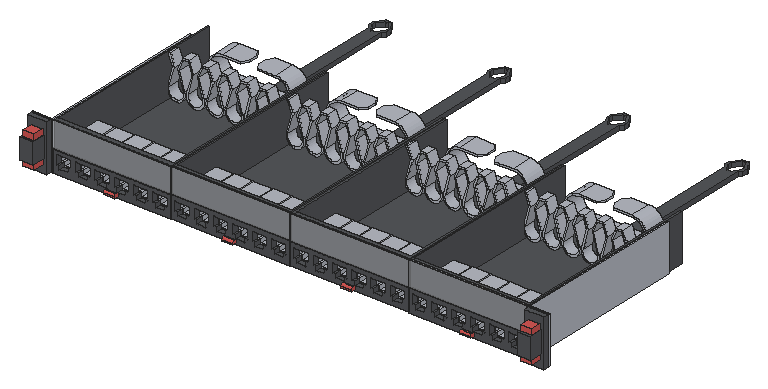
Revit family "Copper flat patch panels equipped", category Equipement spécialisé, Revit 2020
Family settings
  Cote de connecteur circulaire = Utiliser le diamètre
  Type d'élément = Normal
  Basée sur le plan de construction = Non
  Toujours verticalement = Oui
  Couper avec des vides une fois chargée = Non
  Partagée = Oui
  Point de calcul de pièce = Non
Parameters (values of type "Flat patch panel 24 RJ45 Cat 8 STP 1U")
  Width (mm) = 482.60 mm
  Storage temperature = "-40°C à 70°C"
  Shielded = yes
  RAL Number = "9017"
  Operating temperature = "-25°C à 70°C"
  Number of height units = "1"
  Number of connectors = "24"
  Modular spacing = "19 inches"
  Legrand part number = "033782"
  Height = 44.45 mm
  Function = "Flat patch panels equipped"
  Elévation par défaut = 0.00 mm
  EAN = "3414970982063"
  E-catalogue link = "https://www.legrand.fr/reference/033782/pro"
  Depth = 120.00 mm
  Degree of protection IK = "IK03"
  Connector type = "RJ45"
  Connection type = "Insulation displacement connector"
  Color = IDS_NOIR
  Category = "8"
  Cable support = "With zigzag"
  Cable nature for connection = "Flexible or rigid"
  BIM wording = "Flat patch panel 24 RJ45 Cat 8 STP 1U"
  Application class = "EC001128"
Types (8, lengths in mm): name | Width (mm) | Shielded | Legrand part number | Height | EAN | E-catalogue link | Depth | Category | BIM wording
  Flat patch panel 24 RJ45 Cat 5e UTP 1U | 482.50 | no | "033750" | 43.85 | "3414970870308" | "https://www.legrand.fr/reference/033750/pro" | 321.70 | "5E" | "Flat patch panel 24 RJ45 Cat 5e UTP 1U"
  Flat patch panel 24 RJ45 Cat 5e FTP 1U | 482.50 | yes | "033751" | 43.85 | "3414970870322" | "https://www.legrand.fr/reference/033751/pro" | 321.70 | "5E" | "Flat patch panel 24 RJ45 Cat 5e FTP 1U"
  Flat patch panel 24 RJ45 Cat 6 UTP 1U | 482.50 | no | "033760" | 43.85 | "3414970870537" | "https://www.legrand.fr/reference/033760/pro" | 321.70 | "6" | "Flat patch panel 24 RJ45 Cat 6 UTP 1U"
  Flat patch panel 24 RJ45 Cat 6 FTP 1U | 482.50 | yes | "033761" | 43.85 | "3414970870551" | "https://www.legrand.fr/reference/033761/pro" | 321.70 | "6" | "Flat patch panel 24 RJ45 Cat 6 FTP 1U"
  Flat patch panel 24 RJ45 Cat 6 STP 1U | 482.50 | yes | "033762" | 43.85 | "3414970870575" | "https://www.legrand.fr/reference/033762/pro" | 321.70 | "6" | "Flat patch panel 24 RJ45 Cat 6 STP 1U"
  Flat patch panel 24 RJ45 Cat 6A UTP 1U | 482.50 | no | "033770" | 43.85 | "3414970870681" | "https://www.legrand.fr/reference/033770/pro" | 321.70 | "6A" | "Flat patch panel 24 RJ45 Cat 6A UTP 1U"
  Flat patch panel 24 RJ45 Cat 6A STP 1U | 482.50 | yes | "033772" | 43.85 | "3414970870704" | "https://www.legrand.fr/reference/033772/pro" | 321.70 | "6A" | "Flat patch panel 24 RJ45 Cat 6A STP 1U"
  Flat patch panel 24 RJ45 Cat 8 STP 1U | 482.60 | yes | "033782" | 44.45 | "3414970982063" | "https://www.legrand.fr/reference/033782/pro" | 120.00 | "8" | "Flat patch panel 24 RJ45 Cat 8 STP 1U"
Reference planes
  plane 1 "Centre (avant/arrière)": y = 106
  plane 2: z = 0
  plane 3: x = 0
  plane 4: y = 104.5
  plane 5: x = -1.5
  plane 6: y = 267
  plane 7: x = -19.5
  plane 8: x = 463
  plane 9: x = 443.5
  plane 10: x = 445
  plane 11: y = 267
  plane 12: z = 43.85
  plane 13: z = 43.85
  plane 14: x = -14.25
  plane 15: x = -6.75
  plane 16: z = 34.803
  plane 17: z = 40.803
  plane 18: z = 25.178
  plane 19: z = 18.678
  plane 20: z = 9.053
  plane 21: z = 3.053
  plane 22: x = 221.75
  plane 23: x = -10.5
  plane 24: x = 221.75
  plane 25: x = 457.75
  plane 26: x = 450.25
  plane 27: z = 34.805
  plane 28: z = 40.805
  plane 29: z = 25.175
  plane 30: z = 18.675
  plane 31: z = 9.045
  plane 32: z = 3.045
  plane 33: x = 221.75
  plane 34: x = 454
  plane 35: z = 21.925
  plane 36: z = 21.925
  plane 37: x = -10.5
  plane 38: z = 21.925
  plane 39: z = 21.925
  plane 40: x = 454
  plane 41: x = -10.5
  plane 42: x = 454
Forms (mm)
  Extrusion 1, solid, material "IDS_ALU"
    sketch origin (-186.207, 0, 0) x (1, 0, 0) y (0, 1, 0)
      loop
        line (166.707, 104.5) -> (186.207, 104.5) -> (186.207, 267) -> (184.707, 267) -> (184.707, 106) -> (166.707, 106) -> (166.707, 104.5)
    from 0 to 43.85
  Extrusion 2, solid, material "IDS_ALU"
    sketch origin (-186.207, 0, 0) x (1, 0, 0) y (0, 1, 0)
      loop
        line (629.707, 104.5) -> (649.207, 104.5) -> (649.207, 106) -> (631.207, 106) -> (631.207, 267) -> (629.707, 267) -> (629.707, 104.5)
    from 0 to 43.85
  Extrusion 3, void
    sketch origin (0, 106, 0) x (1, 0, 0) y (0, 0, 1)
      loop
        line (-14.25, 40.803) -> (-14.25, 34.803) -> (-6.75, 34.803) -> (-6.75, 40.803) -> (-14.25, 40.803)
      loop
        line (-14.25, 25.178) -> (-14.25, 18.678) -> (-6.75, 18.678) -> (-6.75, 25.178) -> (-14.25, 25.178)
      loop
        line (-14.25, 9.053) -> (-14.25, 3.053) -> (-6.75, 3.053) -> (-6.75, 9.053) -> (-14.25, 9.053)
    from 0 to 1.5
  Extrusion 4, void
    sketch origin (443.5, 106, 0) x (-1, 0, 0) y (0, 0, -1)
      loop
        line (-14.25, -40.805) -> (-6.75, -40.805) -> (-6.75, -34.805) -> (-14.25, -34.805) -> (-14.25, -40.805)
      loop
        line (-14.25, -25.175) -> (-6.75, -25.175) -> (-6.75, -18.675) -> (-14.25, -18.675) -> (-14.25, -25.175)
      loop
        line (-14.25, -9.045) -> (-6.75, -9.045) -> (-6.75, -3.045) -> (-14.25, -3.045) -> (-14.25, -9.045)
    from 0 to 1.5
  Extrusion 5, solid, material "IDS_NOIR"
    sketch origin (-19.5, 95.233, 0) x (1, 0, 0) y (0, 0, 1)
      loop
        line (3, 31.425) -> (3, 12.425) -> (15, 12.425) -> (15, 31.425) -> (3, 31.425)
    from -4.267 to 7.733
  Extrusion 6, solid, material "IDS_NOIR"
    sketch origin (443, 104.5, 0) x (1, 0, 0) y (0, 0, 1)
      loop
        line (5, 31.925) -> (5, 11.925) -> (17, 11.925) -> (17, 31.925) -> (5, 31.925)
    from 5 to 17
  Extrusion 7, solid, material "IDS_ROUGE"
    sketch origin (443, 104.5, 0) x (1, 0, 0) y (0, 0, 1)
      loop
        line (6, 31.925) -> (16, 31.925) -> (16, 36.925) -> (6, 36.925) -> (6, 31.925)
      loop
        line (6, 11.925) -> (6, 6.925) -> (16, 6.925) -> (16, 11.925) -> (6, 11.925)
    from 5 to 15
  Extrusion 8, solid, material "IDS_NOIR"
    sketch origin (-19.5, 104.5, 0) x (1, 0, 0) y (0, 0, 1)
      loop
        line (0, 43.85) -> (0, 0) -> (18, 0) -> (18, 43.85) -> (0, 43.85)
    from 0 to 5
  Extrusion 9, solid, material "IDS_ROUGE"
    sketch origin (-19.5, 104.5, 0) x (1, 0, 0) y (0, 0, 1)
      loop
        line (4, 31.425) -> (14, 31.425) -> (14, 36.925) -> (4, 36.925) -> (4, 31.425)
      loop
        line (4, 12.425) -> (4, 6.925) -> (14, 6.925) -> (14, 12.425) -> (4, 12.425)
    from 15 to 5
  Extrusion 10, solid, material "IDS_NOIR"
    sketch origin (-19.5, 104.5, 0) x (1, 0, 0) y (0, 0, 1)
      loop
        line (464.5, 43.85) -> (464.5, 0) -> (482.5, 0) -> (482.5, 43.85) -> (464.5, 43.85)
    from 0 to 5
Cuts and joins
  Extrusion 3, Extrusion 4 cuts Extrusion 1
  Extrusion 4 cuts Extrusion 2
Dimensions and locks
  locked: plane 1 "Centre (avant/arrière)" to plane 4 at 1.5
  locked: plane 5 to plane 3 at 1.5
  locked: plane 6 to plane 4 at 162.5
  plane 7 to plane 3 = 19.50 mm
  plane 7 to plane 8 = 482.50 mm
  locked: plane 9 to plane 8 at 19.5
  plane 9 to plane 10 = 1.50 mm
  locked: plane 12 to level at 43.85
  plane 18 to plane 19 = 6.50 mm
  plane 15 to plane 14 = 7.50 mm
  equal spacing: plane 8, plane 22, plane 7
  plane 23 to plane 22 = 232.25 mm
  equal spacing: plane 15, plane 23, plane 14
  plane 16 to plane 18 = 9.625 mm
  plane 19 to plane 20 = 9.625 mm
  plane 17 to plane 16 = 6.00 mm
  plane 20 to plane 21 = 6.00 mm
  equal spacing: plane 8, plane 24, plane 7
  plane 29 to plane 30 = 6.50 mm
  plane 26 to plane 25 = 7.50 mm
  plane 34 to plane 33 = 232.25 mm
  equal spacing: plane 26, plane 34, plane 25
  plane 27 to plane 29 = 9.63 mm
  plane 30 to plane 31 = 9.63 mm
  plane 28 to plane 27 = 6.00 mm
  plane 31 to plane 32 = 6.00 mm
  plane 3 to cut or joined group of Extrusion 2, Extrusion 4 = 443.50 mm
  equal spacing: plane 12, plane 35, level
  plane 3 to plane 7 = 19.50 mm
  locked: Extrusion 5 sketch curve to Extrusion 5 sketch curve at 12
  locked: plane 36 to level at 21.925
  equal spacing: cut or joined group of Extrusion 1, Extrusion 3, Extrusion 4, plane 37, cut or joined group of Extrusion 1, Extrusion 3, Extrusion 4
  equal spacing: Extrusion 5 sketch curve, plane 37, Extrusion 5 sketch curve
  equal spacing: Extrusion 5 sketch curve, plane 35, Extrusion 5 sketch curve
  equal spacing: plane 13, plane 38, cut or joined group of Extrusion 2, Extrusion 4
  locked: Extrusion 6 sketch curve to Extrusion 6 sketch curve at 12
  equal spacing: Extrusion 6 sketch curve, plane 40, Extrusion 6 sketch curve
  equal spacing: Extrusion 6 sketch curve, plane 39, Extrusion 6 sketch curve
  plane 35 to Extrusion 5 sketch curve = 9.50 mm
  locked: Extrusion 8 to Extrusion 8 at 5
  Extrusion 9 sketch curve to Extrusion 5 = 5.50 mm
  Extrusion 5 to Extrusion 9 sketch curve = 5.50 mm
  locked: Extrusion 9 sketch curve to Extrusion 9 sketch curve at 10  (x2)
  equal spacing: Extrusion 5, plane 41, Extrusion 5
  equal spacing: Extrusion 9 sketch curve, plane 41, Extrusion 9 sketch curve  (x2)
  Extrusion 9 sketch curve to plane 41 = 5.00 mm
  Extrusion 8 to Extrusion 5 = 12.00 mm
  Extrusion 9 to Extrusion 8 = 10.00 mm
  Extrusion 10 to Extrusion 10 = 5.00 mm
  Extrusion 6 to Extrusion 10 = 12.00 mm
  Extrusion 7 to Extrusion 10 = 10.00 mm
  plane 39 to Extrusion 6 sketch curve = 10.00 mm
  equal spacing: cut or joined group of Extrusion 2, Extrusion 4, plane 40, cut or joined group of Extrusion 2, Extrusion 4
  Extrusion 7 sketch curve to Extrusion 6 = 5.00 mm
  Extrusion 6 to Extrusion 7 sketch curve = 5.00 mm
  equal spacing: Extrusion 6, plane 42, Extrusion 6
  equal spacing: Extrusion 7 sketch curve, plane 42, Extrusion 7 sketch curve
  Extrusion 7 sketch curve to plane 42 = 5.00 mm
  aligned and locked: level to plane 2
  aligned and locked: Extrusion 1 sketch curve to plane 4
  aligned and locked: Extrusion 1 sketch curve to plane 3
  aligned and locked: Extrusion 1 sketch curve to plane 5
  aligned and locked: Extrusion 1 sketch curve to plane 1 "Centre (avant/arrière)"
  aligned and locked: Extrusion 1 sketch curve to plane 6
  aligned and locked: Extrusion 1 sketch curve to plane 7
  aligned and locked: Extrusion 1 to level
  aligned and locked: plane 11 to plane 6
  aligned and locked: Extrusion 2 sketch curve to plane 4
  aligned and locked: Extrusion 2 sketch curve to plane 9
  aligned and locked: Extrusion 2 sketch curve to plane 10
  aligned and locked: Extrusion 2 sketch curve to plane 1 "Centre (avant/arrière)"
  aligned and locked: Extrusion 2 sketch curve to plane 8
  aligned and locked: Extrusion 2 sketch curve to plane 11
  aligned and locked: plane 13 to plane 12
  aligned and locked: plane 12 to Extrusion 1
  aligned and locked: Extrusion 2 to Extrusion 1
  aligned and locked: Extrusion 3 sketch curve to plane 17
  aligned and locked: Extrusion 3 sketch curve to plane 16
  aligned and locked: Extrusion 3 sketch curve to plane 14  (x3)
  aligned and locked: Extrusion 3 sketch curve to plane 15  (x3)
  aligned and locked: Extrusion 3 sketch curve to plane 18
  aligned and locked: Extrusion 3 sketch curve to plane 19
  aligned and locked: Extrusion 3 sketch curve to plane 20
  aligned and locked: Extrusion 3 sketch curve to plane 21
  aligned and locked: Extrusion 3 to plane 4
  aligned and locked: Extrusion 3 to plane 1 "Centre (avant/arrière)"
  aligned and locked: plane 28 to Extrusion 4 sketch curve
  aligned and locked: plane 27 to Extrusion 4 sketch curve
  aligned and locked: plane 25 to Extrusion 4 sketch curve  (x3)
  aligned and locked: plane 26 to Extrusion 4 sketch curve  (x3)
  aligned and locked: plane 29 to Extrusion 4 sketch curve
  aligned and locked: plane 30 to Extrusion 4 sketch curve
  aligned and locked: plane 31 to Extrusion 4 sketch curve
  aligned and locked: plane 32 to Extrusion 4 sketch curve
  aligned and locked: plane 3 to nested 1
  aligned and locked: plane 1 "Centre (avant/arrière)" to nested 1
  aligned and locked: Extrusion 7 sketch curve to Extrusion 7 sketch curve  (x2)
  aligned and locked: Extrusion 8 sketch curve to cut or joined group of Extrusion 1, Extrusion 3, Extrusion 4  (x3)
  aligned and locked: level to Extrusion 8 sketch curve
  aligned and locked: plane 4 to Extrusion 8
  aligned and locked: Extrusion 5 to Extrusion 8
  aligned and locked: Extrusion 9 sketch curve to Extrusion 5
  aligned and locked: Extrusion 5 to Extrusion 9 sketch curve
  aligned and locked: Extrusion 5 to Extrusion 9
  aligned and locked: Extrusion 10 sketch curve to cut or joined group of Extrusion 2, Extrusion 4
  aligned and locked: Extrusion 10 sketch curve to plane 8
  aligned and locked: plane 13 to Extrusion 10 sketch curve
  aligned and locked: level to Extrusion 10 sketch curve
  aligned and locked: Extrusion 6 to Extrusion 10
  aligned and locked: Extrusion 6 to Extrusion 7
Automatic sketch dimensions
  Extrusion 1 to Extrusion 6 sketch curve = 11.925 mm
  Extrusion 1 to Extrusion 7 sketch curve = 11.925 mm  (x2)
Nested families
  nested 1: "Cassette" at (0, 0, 0), type "Cassette"
  nested 2: "Cassette" at (110.75, 0, 0), type "Cassette"
  nested 3: "Cassette" at (221.751, 0, 0), type "Cassette"
  nested 4: "Cassette" at (332.501, 0, 0), type "Cassette"
Definition of nested family "Cassette"
  Parameters (values of type "IDS_CASSETTE")
    Default Elevation = 0.00 mm
    Couleur = none
  Reference planes
    plane 1 "Centre (avant/arrière)": y = 106
    plane 2: z = 0
    plane 3: x = 0
    plane 4: y = 104.5
    plane 5: y = 284.5
    plane 6: z = 43.85
    plane 7: x = 0.499
    plane 8: x = 110.499
    plane 9: x = 110.999
    plane 10: z = 8
    plane 11: x = 55.499
    plane 12: x = 3.749
    plane 13: x = 17.249
    plane 14: x = 10.499
    plane 15: z = 16.56
    plane 16: x = 6.249
    plane 17: x = 14.749
    plane 18: z = 4.5
    plane 19: x = 3.749
    plane 20: x = 17.249
    plane 21: x = 10.499
    plane 22: z = 16.56
    plane 23: x = 6.249
    plane 24: x = 14.749
    plane 25: z = 4.5
    plane 26: x = 21.749
    plane 27: x = 35.249
    plane 28: x = 28.499
    plane 29: z = 16.56
    plane 30: x = 24.249
    plane 31: x = 32.749
    plane 32: z = 4.5
    plane 33: x = 39.749
    plane 34: x = 53.249
    plane 35: x = 46.499
    plane 36: z = 16.56
    plane 37: x = 42.249
    plane 38: x = 50.749
    plane 39: z = 4.5
    plane 40: x = 107.249
    plane 41: x = 93.749
    plane 42: x = 100.499
    plane 43: z = 16.56
    plane 44: x = 104.749
    plane 45: x = 96.249
    plane 46: z = 4.5
    plane 47: x = 89.249
    plane 48: x = 75.749
    plane 49: x = 82.499
    plane 50: z = 16.56
    plane 51: x = 86.749
    plane 52: x = 78.249
    plane 53: z = 4.5
    plane 54: x = 71.249
    plane 55: x = 57.749
    plane 56: x = 64.499
    plane 57: z = 16.56
    plane 58: x = 68.749
    plane 59: x = 60.249
    plane 60: z = 4.5
    plane 61: x = 49.499
    plane 62: x = 61.499
    plane 63: y = 427.7
    plane 64: x = 46.999
    plane 65: x = 63.999
    plane 66: through (55.499, 431.839, 1200) normal (0.8192, -0.5736, 0)
    plane 67: through (55.499, 402.561, 1200) normal (-0.8192, -0.5736, 0)
    plane 68: through (55.499, 431.839, 1200) normal (0.8192, 0.5736, 0)
    plane 69: through (55.499, 402.561, 1200) normal (-0.8192, 0.5736, 0)
    plane 70: x = 1.999
    plane 71: x = 108.999
    plane 72: y = 109.5
    plane 73: z = 34
    plane 74: y = 264.5
    plane 75: z = 23
    plane 76: x = 47.499
    plane 77: x = 63.499
    plane 78: y = 278.5
    plane 79: y = 270.5
  Forms (mm)
    Extrusion 1, solid
      sketch origin (-186.207, 0, 0) x (1, 0, 0) y (0, 1, 0)
        loop
          line (186.706, 104.5) -> (296.706, 104.5) -> (296.706, 284.5) -> (186.706, 284.5) -> (186.706, 104.5)
      from 0 to 43.85
    Extrusion 2, void
      sketch origin (0, 106, 0) x (1, 0, 0) y (0, 0, 1)
        loop
          line (3.749, 16.56) -> (3.749, 8) -> (6.249, 8) -> (6.249, 4.5) -> (14.749, 4.5) -> (14.749, 8) -> (17.249, 8) -> (17.249, 16.56) -> (3.749, 16.56)
      from -3.5 to 1.5
    Extrusion 3, void, not visible
      sketch origin (0, 106, 0) x (1, 0, 0) y (0, 0, 1)
        loop
          line (3.749, 16.56) -> (3.749, 8) -> (6.249, 8) -> (6.249, 4.5) -> (14.749, 4.5) -> (14.749, 8) -> (17.249, 8) -> (17.249, 16.56) -> (3.749, 16.56)
      from -3.5 to 1.5
    Extrusion 4, void
      sketch origin (0, 106, 0) x (1, 0, 0) y (0, 0, 1)
        loop
          line (21.749, 16.56) -> (21.749, 8) -> (24.249, 8) -> (24.249, 4.5) -> (32.749, 4.5) -> (32.749, 8) -> (35.249, 8) -> (35.249, 16.56) -> (21.749, 16.56)
      from -3.5 to 1.5
    Extrusion 5, void
      sketch origin (0, 106, 0) x (1, 0, 0) y (0, 0, 1)
        loop
          line (39.749, 16.56) -> (39.749, 8) -> (42.249, 8) -> (42.249, 4.5) -> (50.749, 4.5) -> (50.749, 8) -> (53.249, 8) -> (53.249, 16.56) -> (39.749, 16.56)
      from -3.5 to 1.5
    Extrusion 6, void
      sketch origin (36, 106, 0) x (1, 0, 0) y (0, 0, 1)
        loop
          line (71.249, 16.56) -> (57.749, 16.56) -> (57.749, 8) -> (60.249, 8) -> (60.249, 4.5) -> (68.749, 4.5) -> (68.749, 8) -> (71.249, 8) -> (71.249, 16.56)
      from -3.5 to 1.5
    Extrusion 7, void
      sketch origin (18, 106, 0) x (1, 0, 0) y (0, 0, 1)
        loop
          line (71.249, 16.56) -> (57.749, 16.56) -> (57.749, 8) -> (60.249, 8) -> (60.249, 4.5) -> (68.749, 4.5) -> (68.749, 8) -> (71.249, 8) -> (71.249, 16.56)
      from -3.5 to 1.5
    Extrusion 8, void
      sketch origin (0, 106, 0) x (1, 0, 0) y (0, 0, 1)
        loop
          line (71.249, 16.56) -> (57.749, 16.56) -> (57.749, 8) -> (60.249, 8) -> (60.249, 4.5) -> (68.749, 4.5) -> (68.749, 8) -> (71.249, 8) -> (71.249, 16.56)
      from -3.5 to 1.5
    Extrusion 9, void
      sketch origin (0, 106, 0) x (1, 0, 0) y (0, 0, 1)
        loop
          line (0.499, 43.85) -> (0.499, 20.35) -> (110.499, 20.35) -> (110.499, 43.85) -> (0.499, 43.85)
      from 0 to 1.5
    Extrusion 10, solid
      sketch origin (0, 106, 0) x (1, 0, 0) y (0, 0, 1)
        loop
          line (0.499, 20.35) -> (110.499, 20.35) -> (110.499, 43.85) -> (0.499, 43.85) -> (0.499, 20.35)
      from 0 to 1.5
    Extrusion 11, solid
      sketch origin (0, 106, 0) x (1, 0, 0) y (0, 0, 1)
        loop
          line (50.499, 1) -> (60.499, 1) -> (60.499, 4) -> (50.499, 4) -> (50.499, 1)
      from 1.5 to 5
    Extrusion 12, void
      sketch origin (50.499, 106, 4) x (0, 0, 1) y (0, -1, 0)
        loop
          line (0, 3) -> (0, 5) -> (-2, 5)
          arc (-2, 5) -> (-0.586, 4.414) -> (0, 3) r 2
      from 0 to 10
    Extrusion 13, solid
      sketch origin (-186.207, 0, 0) x (1, 0, 0) y (0, 1, 0)
        loop
          line (235.707, 411.13) -> (235.707, 284.5) -> (247.707, 284.5) -> (247.707, 411.13) -> (250.207, 414.7) -> (250.207, 419.7) -> (244.605, 427.7) -> (238.808, 427.7) -> (233.207, 419.7) -> (233.207, 414.7) -> (235.707, 411.13)
      from 0 to 4
    Extrusion 14, void
      sketch origin (-186.207, 0, 0) x (0, 1, 0) y (1, 0, 0)
        loop
          line (415.331, 235.207) -> (419.069, 235.207) -> (425.7, 239.85) -> (425.7, 243.564) -> (419.069, 248.207) -> (415.331, 248.207) -> (408.7, 243.564) -> (408.7, 239.85) -> (415.331, 235.207)
      from 0 to -4
    Extrusion 15, void
      sketch origin (-186.207, 0, 0) x (0, 1, 0) y (1, 0, 0)
        loop
          line (109.5, 188.206) -> (284.5, 188.206) -> (284.5, 295.206) -> (109.5, 295.206) -> (109.5, 188.206)
      from -4 to -43.85
    Extrusion 16, solid
      sketch origin (-13.605, 284.5, 1200) x (-1, 0, 0) y (0, 0, 1)
        loop
          arc (-94.105, -1161) -> (-107.605, -1174.5) -> (-94.105, -1188) r 13.5
          line (-94.105, -1188) -> (-44.105, -1188)
          arc (-44.105, -1188) -> (-30.605, -1174.5) -> (-44.105, -1161) r 13.5
          line (-44.105, -1161) -> (-94.105, -1161)
        loop
          line (-94.105, -1186.5) -> (-44.105, -1186.5)
          arc (-44.105, -1186.5) -> (-32.105, -1174.5) -> (-44.105, -1162.5) r 12
          line (-44.105, -1162.5) -> (-94.105, -1162.5)
          arc (-94.105, -1162.5) -> (-106.105, -1174.5) -> (-94.105, -1186.5) r 12
      from -20 to 0
    Extrusion 17, solid
      sketch origin (-186.207, 0, 0) x (1, 0, 0) y (0, 1, 0)
        loop
          line (188.206, 284.5) -> (188.206, 272) -> (295.206, 272) -> (295.206, 284.5) -> (188.206, 284.5)
      from 12 to 4
    Extrusion 18, solid
      sketch origin (-186.207, 0, 4) x (0, 1, 0) y (-1, 0, 0)
        loop
          line (111, -188.206) -> (111, -205.206) -> (153.903, -205.206) -> (153.903, -188.206) -> (111, -188.206)
      from 0 to 19
    Extrusion 19, void
      sketch origin (0, 106, 0) x (1, 0, 0) y (0, 0, 1)
        loop
          line (6.249, 8) -> (6.249, 4.5) -> (14.749, 4.5) -> (14.749, 8) -> (17.249, 8) -> (17.249, 16.56) -> (3.749, 16.56) -> (3.749, 8) -> (6.249, 8)
      from -5 to -15
    Extrusion 20, void
      sketch origin (-13.605, 284.5, 1200) x (1, 0, 0) y (0, 0, 1)
        loop
          circle (24.104, -1186.5) r 5.933
      from 130.597 to 150.6
    Extrusion 21, solid, not visible
      sketch origin (-186.207, 0, 4) x (0, 1, 0) y (-1, 0, 0)
        loop
          line (111, -188.206) -> (111, -205.206) -> (153.903, -205.206) -> (153.903, -188.206) -> (111, -188.206)
      from 0 to 19
    Extrusion 22, void, not visible
      sketch origin (0, 106, 0) x (1, 0, 0) y (0, 0, 1)
        loop
          line (6.249, 8) -> (6.249, 4.5) -> (14.749, 4.5) -> (14.749, 8) -> (17.249, 8) -> (17.249, 16.56) -> (3.749, 16.56) -> (3.749, 8) -> (6.249, 8)
      from -5 to -15
    Extrusion 23, void, not visible
      sketch origin (-13.605, 284.5, 1200) x (1, 0, 0) y (0, 0, 1)
        loop
          circle (24.104, -1186.5) r 5.933
      from 130.597 to 150.6
    Extrusion 24, solid
      sketch origin (-168.207, 0, 4) x (0, 1, 0) y (-1, 0, 0)
        loop
          line (111, -188.206) -> (111, -205.206) -> (153.903, -205.206) -> (153.903, -188.206) -> (111, -188.206)
      from 0 to 19
    Extrusion 25, void
      sketch origin (18, 106, 0) x (1, 0, 0) y (0, 0, 1)
        loop
          line (6.249, 8) -> (6.249, 4.5) -> (14.749, 4.5) -> (14.749, 8) -> (17.249, 8) -> (17.249, 16.56) -> (3.749, 16.56) -> (3.749, 8) -> (6.249, 8)
      from -5 to -15
    Extrusion 26, void
      sketch origin (4.395, 284.5, 1200) x (1, 0, 0) y (0, 0, 1)
        loop
          circle (24.104, -1186.5) r 5.933
      from 130.597 to 150.6
    Extrusion 27, solid
      sketch origin (-150.207, 0, 4) x (0, 1, 0) y (-1, 0, 0)
        loop
          line (111, -188.206) -> (111, -205.206) -> (153.903, -205.206) -> (153.903, -188.206) -> (111, -188.206)
      from 0 to 19
    Extrusion 28, void
      sketch origin (36, 106, 0) x (1, 0, 0) y (0, 0, 1)
        loop
          line (6.249, 8) -> (6.249, 4.5) -> (14.749, 4.5) -> (14.749, 8) -> (17.249, 8) -> (17.249, 16.56) -> (3.749, 16.56) -> (3.749, 8) -> (6.249, 8)
      from -5 to -15
    Extrusion 29, void
      sketch origin (22.395, 284.5, 1200) x (1, 0, 0) y (0, 0, 1)
        loop
          circle (24.104, -1186.5) r 5.933
      from 130.597 to 150.6
    Extrusion 30, solid
      sketch origin (-132.207, 0, 4) x (0, 1, 0) y (-1, 0, 0)
        loop
          line (111, -188.206) -> (111, -205.206) -> (153.903, -205.206) -> (153.903, -188.206) -> (111, -188.206)
      from 0 to 19
    Extrusion 31, void
      sketch origin (54, 106, 0) x (1, 0, 0) y (0, 0, 1)
        loop
          line (6.249, 8) -> (6.249, 4.5) -> (14.749, 4.5) -> (14.749, 8) -> (17.249, 8) -> (17.249, 16.56) -> (3.749, 16.56) -> (3.749, 8) -> (6.249, 8)
      from -5 to -15
    Extrusion 32, void
      sketch origin (40.395, 284.5, 1200) x (1, 0, 0) y (0, 0, 1)
        loop
          circle (24.104, -1186.5) r 5.933
      from 130.597 to 150.6
    Extrusion 33, solid
      sketch origin (-114.207, 0, 4) x (0, 1, 0) y (-1, 0, 0)
        loop
          line (111, -188.206) -> (111, -205.206) -> (153.903, -205.206) -> (153.903, -188.206) -> (111, -188.206)
      from 0 to 19
    Extrusion 34, void
      sketch origin (72, 106, 0) x (1, 0, 0) y (0, 0, 1)
        loop
          line (6.249, 8) -> (6.249, 4.5) -> (14.749, 4.5) -> (14.749, 8) -> (17.249, 8) -> (17.249, 16.56) -> (3.749, 16.56) -> (3.749, 8) -> (6.249, 8)
      from -5 to -15
    Extrusion 35, void
      sketch origin (58.395, 284.5, 1200) x (1, 0, 0) y (0, 0, 1)
        loop
          circle (24.104, -1186.5) r 5.933
      from 130.597 to 150.6
    Extrusion 36, solid
      sketch origin (-96.207, 0, 4) x (0, 1, 0) y (-1, 0, 0)
        loop
          line (111, -188.206) -> (111, -205.206) -> (153.903, -205.206) -> (153.903, -188.206) -> (111, -188.206)
      from 0 to 19
    Extrusion 37, void
      sketch origin (90, 106, 0) x (1, 0, 0) y (0, 0, 1)
        loop
          line (6.249, 8) -> (6.249, 4.5) -> (14.749, 4.5) -> (14.749, 8) -> (17.249, 8) -> (17.249, 16.56) -> (3.749, 16.56) -> (3.749, 8) -> (6.249, 8)
      from -5 to -15
    Extrusion 38, void
      sketch origin (76.395, 284.5, 1200) x (1, 0, 0) y (0, 0, 1)
        loop
          circle (24.104, -1186.5) r 5.933
      from 130.597 to 150.6
    Extrusion 39, void
      sketch origin (-186.207, 0, 4) x (-1, 0, 0) y (0, 1, 0)
        loop
          line (-233.707, 264.5) -> (-237.707, 270.5) -> (-237.707, 278.5) -> (-233.707, 284.5) -> (-249.707, 284.5) -> (-245.707, 278.5) -> (-245.707, 270.5) -> (-249.707, 264.5) -> (-233.707, 264.5)
      from -40.074 to -31.309
    Extrusion 40, solid
      sketch origin (90.999, 236, 0) x (-1, 0, 0) y (0, 0, -1)
        loop
          line (56.507, -43.85) -> (56.507, -42.35) -> (51.236, -42.35) -> (47.7, -33.16) -> (52.666, -15.842)
          arc (52.666, -15.842) -> (44.5, -5.005) -> (36.334, -15.842) r 8.495
          line (36.334, -15.842) -> (41.266, -33.04) -> (38.261, -40.85) -> (39.868, -40.85) -> (42.846, -33.11) -> (37.776, -15.428)
          arc (37.776, -15.428) -> (44.5, -6.505) -> (51.224, -15.428) r 6.995
          line (51.224, -15.428) -> (46.119, -33.23) -> (50.206, -43.85) -> (56.507, -43.85)
      from -10 to 0
    Extrusion 41, solid, not visible
      sketch origin (94.516, 236, 0) x (-1, 0, 0) y (0, 0, -1)
        loop
          line (56.507, -43.85) -> (56.507, -42.35) -> (51.236, -42.35) -> (47.7, -33.16) -> (52.666, -15.842)
          arc (52.666, -15.842) -> (44.5, -5.005) -> (36.334, -15.842) r 8.495
          line (36.334, -15.842) -> (41.266, -33.04) -> (38.261, -40.85) -> (39.868, -40.85) -> (42.846, -33.11) -> (37.776, -15.428)
          arc (37.776, -15.428) -> (44.5, -6.505) -> (51.224, -15.428) r 6.995
          line (51.224, -15.428) -> (46.119, -33.23) -> (50.206, -43.85) -> (56.507, -43.85)
      from -10 to 0
    Extrusion 42, solid
      sketch origin (72.999, 236, 0) x (-1, 0, 0) y (0, 0, -1)
        loop
          line (56.507, -43.85) -> (56.507, -42.35) -> (51.236, -42.35) -> (47.7, -33.16) -> (52.666, -15.842)
          arc (52.666, -15.842) -> (44.5, -5.005) -> (36.334, -15.842) r 8.495
          line (36.334, -15.842) -> (41.266, -33.04) -> (38.261, -40.85) -> (39.868, -40.85) -> (42.846, -33.11) -> (37.776, -15.428)
          arc (37.776, -15.428) -> (44.5, -6.505) -> (51.224, -15.428) r 6.995
          line (51.224, -15.428) -> (46.119, -33.23) -> (50.206, -43.85) -> (56.507, -43.85)
      from -10 to 0
    Extrusion 43, solid
      sketch origin (54.999, 236, 0) x (-1, 0, 0) y (0, 0, -1)
        loop
          line (56.507, -43.85) -> (56.507, -42.35) -> (51.236, -42.35) -> (47.7, -33.16) -> (52.666, -15.842)
          arc (52.666, -15.842) -> (44.5, -5.005) -> (36.334, -15.842) r 8.495
          line (36.334, -15.842) -> (41.266, -33.04) -> (38.261, -40.85) -> (39.868, -40.85) -> (42.846, -33.11) -> (37.776, -15.428)
          arc (37.776, -15.428) -> (44.5, -6.505) -> (51.224, -15.428) r 6.995
          line (51.224, -15.428) -> (46.119, -33.23) -> (50.206, -43.85) -> (56.507, -43.85)
      from -10 to 0
    Extrusion 44, solid
      sketch origin (144.999, 236, 0) x (-1, 0, 0) y (0, 0, -1)
        loop
          line (56.507, -43.85) -> (56.507, -42.35) -> (51.236, -42.35) -> (47.7, -33.16) -> (52.666, -15.842)
          arc (52.666, -15.842) -> (44.5, -5.005) -> (36.334, -15.842) r 8.495
          line (36.334, -15.842) -> (41.266, -33.04) -> (38.261, -40.85) -> (39.868, -40.85) -> (42.846, -33.11) -> (37.776, -15.428)
          arc (37.776, -15.428) -> (44.5, -6.505) -> (51.224, -15.428) r 6.995
          line (51.224, -15.428) -> (46.119, -33.23) -> (50.206, -43.85) -> (56.507, -43.85)
      from -10 to 0
    Extrusion 45, solid
      sketch origin (126.999, 236, 0) x (-1, 0, 0) y (0, 0, -1)
        loop
          line (56.507, -43.85) -> (56.507, -42.35) -> (51.236, -42.35) -> (47.7, -33.16) -> (52.666, -15.842)
          arc (52.666, -15.842) -> (44.5, -5.005) -> (36.334, -15.842) r 8.495
          line (36.334, -15.842) -> (41.266, -33.04) -> (38.261, -40.85) -> (39.868, -40.85) -> (42.846, -33.11) -> (37.776, -15.428)
          arc (37.776, -15.428) -> (44.5, -6.505) -> (51.224, -15.428) r 6.995
          line (51.224, -15.428) -> (46.119, -33.23) -> (50.206, -43.85) -> (56.507, -43.85)
      from -10 to 0
    Extrusion 46, solid
      sketch origin (108.999, 236, 0) x (-1, 0, 0) y (0, 0, -1)
        loop
          line (56.507, -43.85) -> (56.507, -42.35) -> (51.236, -42.35) -> (47.7, -33.16) -> (52.666, -15.842)
          arc (52.666, -15.842) -> (44.5, -5.005) -> (36.334, -15.842) r 8.495
          line (36.334, -15.842) -> (41.266, -33.04) -> (38.261, -40.85) -> (39.868, -40.85) -> (42.846, -33.11) -> (37.776, -15.428)
          arc (37.776, -15.428) -> (44.5, -6.505) -> (51.224, -15.428) r 6.995
          line (51.224, -15.428) -> (46.119, -33.23) -> (50.206, -43.85) -> (56.507, -43.85)
      from -10 to 0
    Extrusion 47, void
      sketch origin (54.999, 236, 0) x (1, 0, 0) y (0, 0, -1)
        loop
          line (-56.507, -42.35) -> (-56.507, -43.85) -> (-53, -43.85) -> (-53, -42.35) -> (-56.507, -42.35)
      from 0 to 10
  Cuts and joins
    Extrusion 2, Extrusion 4, Extrusion 5, Extrusion 6, Extrusion 7, Extrusion 8, Extrusion 9, Extrusion 15, Extrusion 19, Extrusion 20, Extrusion 39 cuts Extrusion 1
    Extrusion 19, Extrusion 20, Extrusion 39, Extrusion 47 cuts Extrusion 17
    joined: Extrusion 1, Extrusion 17
    Extrusion 12 cuts Extrusion 11
    Extrusion 14, Extrusion 39 cuts Extrusion 13
    Extrusion 19, Extrusion 20, Extrusion 25 cuts Extrusion 18
    Extrusion 25, Extrusion 26, Extrusion 28, Extrusion 29 cuts Extrusion 24
    Extrusion 28, Extrusion 29, Extrusion 31, Extrusion 32 cuts Extrusion 27
    Extrusion 31, Extrusion 32, Extrusion 34, Extrusion 35 cuts Extrusion 30
    Extrusion 34, Extrusion 35, Extrusion 37, Extrusion 38 cuts Extrusion 33
    Extrusion 37, Extrusion 38 cuts Extrusion 36
    Extrusion 39 cuts Extrusion 16
    Extrusion 47 cuts Extrusion 43
  Dimensions and locks
    locked: plane 6 to level at 43.85
    locked: plane 3 to plane 7 at 0.5
    locked: plane 9 to plane 8 at 0.5
    locked: plane 7 to plane 8 at 110
    locked: plane 4 to plane 1 "Centre (avant/arrière)" at 1.5
    locked: plane 5 to plane 4 at 180
    locked: plane 10 to level at 8
    equal spacing: plane 9, plane 11, plane 3
    equal spacing: plane 13, plane 14, plane 12
    locked: plane 13 to plane 12 at 13.5
    equal spacing: plane 17, plane 14, plane 16
    locked: plane 17 to plane 16 at 8.5
    cut or joined group 1 (Extrusion 1, Extrusion 2, Extrusion 4, Extrusion 5, Extrusion 6, Extrusion 7, Extrusion 8, Extrusion 9, Extrusion 15, Extrusion 17, Extrusion 19, Extrusion 20, Extrusion 39, Extrusion 47) to plane 4 = 5.00 mm
    equal spacing: plane 20, plane 21, plane 19
    locked: plane 20 to plane 19 at 13.5
    equal spacing: plane 24, plane 21, plane 23
    locked: plane 24 to plane 23 at 8.5
    equal spacing: plane 27, plane 28, plane 26
    locked: plane 27 to plane 26 at 13.5
    equal spacing: plane 31, plane 28, plane 30
    locked: plane 31 to plane 30 at 8.5
    equal spacing: plane 34, plane 35, plane 33
    locked: plane 34 to plane 33 at 13.5
    equal spacing: plane 38, plane 35, plane 37
    locked: plane 38 to plane 37 at 8.5
    equal spacing: plane 40, plane 42, plane 41
    locked: plane 40 to plane 41 at 13.5
    equal spacing: plane 44, plane 42, plane 45
    locked: plane 44 to plane 45 at 8.5
    equal spacing: plane 47, plane 49, plane 48
    locked: plane 47 to plane 48 at 13.5
    equal spacing: plane 51, plane 49, plane 52
    locked: plane 51 to plane 52 at 8.5
    equal spacing: plane 54, plane 56, plane 55
    locked: plane 54 to plane 55 at 13.5
    equal spacing: plane 58, plane 56, plane 59
    locked: plane 58 to plane 59 at 8.5
    locked: plane 6 to Extrusion 9 sketch curve at 23.5
    equal spacing: Extrusion 11 sketch curve, plane 11, Extrusion 11 sketch curve
    locked: Extrusion 11 sketch curve to Extrusion 11 sketch curve at 10
    locked: Extrusion 11 sketch curve to Extrusion 11 sketch curve at 3
    level to Extrusion 11 sketch curve = 1.00 mm
    Extrusion 11 to Extrusion 10 = 3.50 mm
    plane 1 "Centre (avant/arrière)" to plane 63 = 321.70 mm
    equal spacing: plane 61, plane 11, plane 62
    plane 61 to plane 62 = 12.00 mm
    plane 64 to plane 61 = 2.50 mm
    plane 62 to plane 65 = 2.50 mm
    locked: Extrusion 13 to Extrusion 13 at 4
    cut or joined group 1 to plane 70 = 1.50 mm
    plane 71 to cut or joined group 1 = 1.50 mm
    plane 72 to plane 4 = 5.00 mm
    locked: cut or joined group 1 to plane 73 at 30
    level to Extrusion 16 sketch curve = 12.00 mm
    Extrusion 16 sketch curve to Extrusion 16 sketch curve = 27.00 mm
    locked: plane 74 to plane 5 at 20
    cut or joined group 1 to Extrusion 17 sketch curve = 12.50 mm
    Extrusion 18 sketch curve to Extrusion 18 sketch curve = 17.00 mm
    locked: plane 75 to level at 23
    Extrusion 21 sketch curve to Extrusion 21 sketch curve = 17.00 mm
    Extrusion 24 sketch curve to Extrusion 24 sketch curve = 17.00 mm
    Extrusion 27 sketch curve to Extrusion 27 sketch curve = 17.00 mm
    Extrusion 30 sketch curve to Extrusion 30 sketch curve = 17.00 mm
    Extrusion 33 sketch curve to Extrusion 33 sketch curve = 17.00 mm
    Extrusion 36 sketch curve to Extrusion 36 sketch curve = 17.00 mm
    Extrusion 39 sketch curve to plane 11 = 4.00 mm
    equal spacing: plane 76, plane 11, plane 77
    plane 76 to plane 77 = 16.00 mm
    aligned and locked: level to plane 2
    aligned and locked: Extrusion 1 sketch curve to plane 7
    aligned and locked: Extrusion 1 sketch curve to plane 4
    aligned and locked: Extrusion 1 sketch curve to plane 8
    aligned and locked: Extrusion 1 sketch curve to plane 5
    aligned and locked: Extrusion 1 to plane 6
    aligned and locked: Extrusion 2 sketch curve to plane 12
    aligned and locked: Extrusion 2 sketch curve to plane 15
    aligned and locked: Extrusion 2 sketch curve to plane 13
    aligned and locked: Extrusion 2 sketch curve to plane 16
    aligned and locked: Extrusion 2 sketch curve to plane 18
    aligned and locked: Extrusion 2 sketch curve to plane 17
    aligned and locked: Extrusion 2 to plane 4
    aligned and locked: Extrusion 3 sketch curve to plane 19
    aligned and locked: Extrusion 3 sketch curve to plane 22
    aligned and locked: Extrusion 3 sketch curve to plane 20
    aligned and locked: Extrusion 3 sketch curve to plane 23
    aligned and locked: Extrusion 3 sketch curve to plane 25
    aligned and locked: Extrusion 3 sketch curve to plane 24
    aligned and locked: Extrusion 4 sketch curve to plane 26
    aligned and locked: Extrusion 4 sketch curve to plane 29
    aligned and locked: Extrusion 4 sketch curve to plane 27
    aligned and locked: Extrusion 4 sketch curve to plane 30
    aligned and locked: Extrusion 4 sketch curve to plane 32
    aligned and locked: Extrusion 4 sketch curve to plane 31
    aligned and locked: Extrusion 5 sketch curve to plane 33
    aligned and locked: Extrusion 5 sketch curve to plane 36
    aligned and locked: Extrusion 5 sketch curve to plane 34
    aligned and locked: Extrusion 5 sketch curve to plane 37
    aligned and locked: Extrusion 5 sketch curve to plane 39
    aligned and locked: Extrusion 5 sketch curve to plane 38
    aligned and locked: plane 40 to Extrusion 6 sketch curve
    aligned and locked: Extrusion 6 sketch curve to plane 43
    aligned and locked: plane 41 to Extrusion 6 sketch curve
    aligned and locked: plane 44 to Extrusion 6 sketch curve
    aligned and locked: Extrusion 6 sketch curve to plane 46
    aligned and locked: plane 45 to Extrusion 6 sketch curve
    aligned and locked: plane 47 to Extrusion 7 sketch curve
    aligned and locked: Extrusion 7 sketch curve to plane 50
    aligned and locked: plane 48 to Extrusion 7 sketch curve
    aligned and locked: plane 51 to Extrusion 7 sketch curve
    aligned and locked: Extrusion 7 sketch curve to plane 53
    aligned and locked: plane 52 to Extrusion 7 sketch curve
    aligned and locked: plane 54 to Extrusion 8 sketch curve
    aligned and locked: Extrusion 8 sketch curve to plane 57
    aligned and locked: plane 55 to Extrusion 8 sketch curve
    aligned and locked: plane 58 to Extrusion 8 sketch curve
    aligned and locked: Extrusion 8 sketch curve to plane 60
    aligned and locked: plane 59 to Extrusion 8 sketch curve
    aligned and locked: Extrusion 9 sketch curve to cut or joined group 1  (x2)
    aligned and locked: Extrusion 9 sketch curve to plane 8
    aligned and locked: Extrusion 9 to plane 4
    aligned and locked: Extrusion 9 to plane 1 "Centre (avant/arrière)"
    aligned and locked: Extrusion 10 sketch curve to cut or joined group 1  (x3)
    aligned and locked: cut or joined group 1 to Extrusion 10 sketch curve
    aligned and locked: Extrusion 10 to plane 4
    aligned and locked: Extrusion 10 to plane 1 "Centre (avant/arrière)"
    aligned and locked: plane 4 to Extrusion 11
    aligned and locked: Extrusion 12 sketch curve to Extrusion 11
    aligned and locked: Extrusion 12 to Extrusion 11
    aligned and locked: Extrusion 11 to Extrusion 12
    aligned and locked: plane 67 to Extrusion 13 sketch curve
    aligned and locked: Extrusion 13 sketch curve to plane 66
    aligned and locked: plane 68 to Extrusion 13 sketch curve
    aligned and locked: Extrusion 13 sketch curve to plane 69
    aligned and locked: Extrusion 13 sketch curve to plane 65
    aligned and locked: Extrusion 13 sketch curve to plane 64
    aligned and locked: Extrusion 13 sketch curve to plane 61
    aligned and locked: Extrusion 13 sketch curve to plane 62
    aligned and locked: Extrusion 13 sketch curve to plane 63
    aligned and locked: Extrusion 13 sketch curve to plane 5
    aligned and locked: Extrusion 13 to level
    aligned and locked: Extrusion 13 to Extrusion 14
    aligned and locked: Extrusion 14 to level
    aligned and locked: plane 72 to Extrusion 15 sketch curve
    aligned and locked: plane 70 to Extrusion 15 sketch curve
    aligned and locked: plane 71 to Extrusion 15 sketch curve
    aligned and locked: plane 5 to Extrusion 15 sketch curve
    aligned and locked: plane 6 to Extrusion 15
    aligned and locked: Extrusion 15 to cut or joined group of Extrusion 13, Extrusion 14, Extrusion 39
    aligned and locked: plane 5 to Extrusion 16
    aligned and locked: plane 74 to Extrusion 16
    aligned and locked: Extrusion 17 sketch curve to cut or joined group 1  (x2)
    aligned and locked: Extrusion 17 to Extrusion 16
    aligned and locked: Extrusion 19 to Extrusion 18
    aligned and locked: Extrusion 2 to Extrusion 15
    aligned and locked: Extrusion 25 to Extrusion 24
    aligned and locked: Extrusion 28 to Extrusion 27
    aligned and locked: Extrusion 31 to Extrusion 30
    aligned and locked: Extrusion 34 to Extrusion 33
    aligned and locked: Extrusion 37 to Extrusion 36
    aligned and locked: Extrusion 47 sketch curve to Extrusion 43  (x2)
    aligned and locked: cut or joined group 1 to Extrusion 47 sketch curve
    aligned and locked: Extrusion 47 sketch curve to cut or joined group 1
  Automatic sketch dimensions
    plane 18 to Extrusion 2 sketch curve = 3.50 mm
    Extrusion 2 sketch curve to Extrusion 2 sketch curve = 3.50 mm
    plane 25 to Extrusion 3 sketch curve = 3.50 mm
    Extrusion 3 sketch curve to Extrusion 3 sketch curve = 3.50 mm
    plane 32 to Extrusion 4 sketch curve = 3.50 mm
    Extrusion 4 sketch curve to Extrusion 4 sketch curve = 3.50 mm
    plane 39 to Extrusion 5 sketch curve = 3.50 mm
    Extrusion 5 sketch curve to Extrusion 5 sketch curve = 3.50 mm
    plane 46 to Extrusion 6 sketch curve = 3.50 mm
    Extrusion 6 sketch curve to Extrusion 6 sketch curve = 3.50 mm
    plane 53 to Extrusion 7 sketch curve = 3.50 mm
    Extrusion 7 sketch curve to Extrusion 7 sketch curve = 3.50 mm
    plane 60 to Extrusion 8 sketch curve = 3.50 mm
    Extrusion 8 sketch curve to Extrusion 8 sketch curve = 3.50 mm
    Extrusion 18 sketch curve to Extrusion 18 sketch curve = 42.903 mm
    Extrusion 19 sketch curve to Extrusion 19 sketch curve = 2.50 mm  (x2)
    Extrusion 19 sketch curve to Extrusion 19 sketch curve = 8.50 mm
    Extrusion 19 sketch curve to Extrusion 19 sketch curve = 3.50 mm  (x2)
    Extrusion 19 sketch curve to Extrusion 19 sketch curve = 8.56 mm
    Extrusion 21 sketch curve to Extrusion 21 sketch curve = 42.903 mm
    Extrusion 22 sketch curve to Extrusion 22 sketch curve = 2.50 mm  (x2)
    Extrusion 22 sketch curve to Extrusion 22 sketch curve = 8.50 mm
    Extrusion 22 sketch curve to Extrusion 22 sketch curve = 3.50 mm  (x2)
    Extrusion 22 sketch curve to Extrusion 22 sketch curve = 8.56 mm
    Extrusion 24 sketch curve to Extrusion 24 sketch curve = 42.903 mm
    Extrusion 25 sketch curve to Extrusion 25 sketch curve = 2.50 mm  (x2)
    Extrusion 25 sketch curve to Extrusion 25 sketch curve = 8.50 mm
    Extrusion 25 sketch curve to Extrusion 25 sketch curve = 3.50 mm  (x2)
    Extrusion 25 sketch curve to Extrusion 25 sketch curve = 8.56 mm
    Extrusion 27 sketch curve to Extrusion 27 sketch curve = 42.903 mm
    Extrusion 28 sketch curve to Extrusion 28 sketch curve = 2.50 mm  (x2)
    Extrusion 28 sketch curve to Extrusion 28 sketch curve = 8.50 mm
    Extrusion 28 sketch curve to Extrusion 28 sketch curve = 3.50 mm  (x2)
    Extrusion 28 sketch curve to Extrusion 28 sketch curve = 8.56 mm
    Extrusion 30 sketch curve to Extrusion 30 sketch curve = 42.903 mm
    Extrusion 31 sketch curve to Extrusion 31 sketch curve = 2.50 mm  (x2)
    Extrusion 31 sketch curve to Extrusion 31 sketch curve = 8.50 mm
    Extrusion 31 sketch curve to Extrusion 31 sketch curve = 3.50 mm  (x2)
    Extrusion 31 sketch curve to Extrusion 31 sketch curve = 8.56 mm
    Extrusion 33 sketch curve to Extrusion 33 sketch curve = 42.903 mm
    Extrusion 34 sketch curve to Extrusion 34 sketch curve = 2.50 mm  (x2)
    Extrusion 34 sketch curve to Extrusion 34 sketch curve = 8.50 mm
    Extrusion 34 sketch curve to Extrusion 34 sketch curve = 3.50 mm  (x2)
    Extrusion 34 sketch curve to Extrusion 34 sketch curve = 8.56 mm
    Extrusion 36 sketch curve to Extrusion 36 sketch curve = 42.903 mm
    Extrusion 37 sketch curve to Extrusion 37 sketch curve = 2.50 mm  (x2)
    Extrusion 37 sketch curve to Extrusion 37 sketch curve = 8.50 mm
    Extrusion 37 sketch curve to Extrusion 37 sketch curve = 3.50 mm  (x2)
    Extrusion 37 sketch curve to Extrusion 37 sketch curve = 8.56 mm
    Extrusion 40 sketch curve to Extrusion 40 sketch curve = 0.00 mm  (x2)
    Extrusion 40 sketch curve to Extrusion 40 sketch curve = 1.442 mm  (x2)
    Extrusion 40 sketch curve to Extrusion 40 sketch curve = 1.927 mm
    Extrusion 40 sketch curve to Extrusion 40 sketch curve = 1.607 mm
    Extrusion 40 sketch curve to Extrusion 40 sketch curve = 1.398 mm
    Extrusion 40 sketch curve to Extrusion 40 sketch curve = 1.58 mm  (x2)
    Extrusion 40 sketch curve to Extrusion 40 sketch curve = 6.724 mm  (x2)
    Extrusion 40 sketch curve to Extrusion 40 sketch curve = 3.273 mm
    Extrusion 40 sketch curve to Extrusion 40 sketch curve = 10.338 mm
    Extrusion 40 sketch curve to Extrusion 40 sketch curve = 1.03 mm
    Extrusion 40 sketch curve to Extrusion 40 sketch curve = 5.272 mm
    Extrusion 40 sketch curve to Extrusion 40 sketch curve = 1.50 mm
    Extrusion 40 sketch curve to Extrusion 40 sketch curve = 3.00 mm
    Extrusion 40 sketch curve to Extrusion 40 sketch curve = 7.62 mm
    Extrusion 40 sketch curve to Extrusion 40 sketch curve = 0.07 mm
    Extrusion 40 sketch curve to Extrusion 40 sketch curve = 0.12 mm
    Extrusion 41 sketch curve to Extrusion 41 sketch curve = 0.00 mm  (x2)
    Extrusion 41 sketch curve to Extrusion 41 sketch curve = 1.442 mm  (x2)
    Extrusion 41 sketch curve to Extrusion 41 sketch curve = 1.927 mm
    Extrusion 41 sketch curve to Extrusion 41 sketch curve = 1.607 mm
    Extrusion 41 sketch curve to Extrusion 41 sketch curve = 1.398 mm
    Extrusion 41 sketch curve to Extrusion 41 sketch curve = 1.58 mm  (x2)
    Extrusion 41 sketch curve to Extrusion 41 sketch curve = 6.724 mm  (x2)
    Extrusion 41 sketch curve to Extrusion 41 sketch curve = 3.273 mm
    Extrusion 41 sketch curve to Extrusion 41 sketch curve = 10.338 mm
    Extrusion 41 sketch curve to Extrusion 41 sketch curve = 1.03 mm
    Extrusion 41 sketch curve to Extrusion 41 sketch curve = 5.272 mm
    Extrusion 41 sketch curve to Extrusion 41 sketch curve = 1.50 mm
    Extrusion 41 sketch curve to Extrusion 41 sketch curve = 3.00 mm
    Extrusion 41 sketch curve to Extrusion 41 sketch curve = 7.62 mm
    Extrusion 41 sketch curve to Extrusion 41 sketch curve = 0.07 mm
    Extrusion 41 sketch curve to Extrusion 41 sketch curve = 0.12 mm
    Extrusion 42 sketch curve to Extrusion 42 sketch curve = 0.00 mm  (x2)
    Extrusion 42 sketch curve to Extrusion 42 sketch curve = 1.442 mm  (x2)
    Extrusion 42 sketch curve to Extrusion 42 sketch curve = 1.927 mm
    Extrusion 42 sketch curve to Extrusion 42 sketch curve = 1.607 mm
    Extrusion 42 sketch curve to Extrusion 42 sketch curve = 1.398 mm
    Extrusion 42 sketch curve to Extrusion 42 sketch curve = 1.58 mm  (x2)
    Extrusion 42 sketch curve to Extrusion 42 sketch curve = 6.724 mm  (x2)
    Extrusion 42 sketch curve to Extrusion 42 sketch curve = 3.273 mm
    Extrusion 42 sketch curve to Extrusion 42 sketch curve = 10.338 mm
    Extrusion 42 sketch curve to Extrusion 42 sketch curve = 1.03 mm
    Extrusion 42 sketch curve to Extrusion 42 sketch curve = 5.272 mm
    Extrusion 42 sketch curve to Extrusion 42 sketch curve = 1.50 mm
    Extrusion 42 sketch curve to Extrusion 42 sketch curve = 3.00 mm
    Extrusion 42 sketch curve to Extrusion 42 sketch curve = 7.62 mm
    Extrusion 42 sketch curve to Extrusion 42 sketch curve = 0.07 mm
    Extrusion 42 sketch curve to Extrusion 42 sketch curve = 0.12 mm
    Extrusion 43 sketch curve to Extrusion 43 sketch curve = 0.00 mm  (x2)
    Extrusion 43 sketch curve to Extrusion 43 sketch curve = 1.442 mm  (x2)
    Extrusion 43 sketch curve to Extrusion 43 sketch curve = 1.927 mm
    Extrusion 43 sketch curve to Extrusion 43 sketch curve = 1.607 mm
    Extrusion 43 sketch curve to Extrusion 43 sketch curve = 1.398 mm
    Extrusion 43 sketch curve to Extrusion 43 sketch curve = 1.58 mm  (x2)
    Extrusion 43 sketch curve to Extrusion 43 sketch curve = 6.724 mm  (x2)
    Extrusion 43 sketch curve to Extrusion 43 sketch curve = 3.273 mm
    Extrusion 43 sketch curve to Extrusion 43 sketch curve = 10.338 mm
    Extrusion 43 sketch curve to Extrusion 43 sketch curve = 1.03 mm
    Extrusion 43 sketch curve to Extrusion 43 sketch curve = 5.272 mm
    Extrusion 43 sketch curve to Extrusion 43 sketch curve = 1.50 mm
    Extrusion 43 sketch curve to Extrusion 43 sketch curve = 3.00 mm
    Extrusion 43 sketch curve to Extrusion 43 sketch curve = 7.62 mm
    Extrusion 43 sketch curve to Extrusion 43 sketch curve = 0.07 mm
    Extrusion 43 sketch curve to Extrusion 43 sketch curve = 0.12 mm
    Extrusion 44 sketch curve to Extrusion 44 sketch curve = 0.00 mm  (x2)
    Extrusion 44 sketch curve to Extrusion 44 sketch curve = 1.442 mm  (x2)
    Extrusion 44 sketch curve to Extrusion 44 sketch curve = 1.927 mm
    Extrusion 44 sketch curve to Extrusion 44 sketch curve = 1.607 mm
    Extrusion 44 sketch curve to Extrusion 44 sketch curve = 1.398 mm
    Extrusion 44 sketch curve to Extrusion 44 sketch curve = 1.58 mm  (x2)
    Extrusion 44 sketch curve to Extrusion 44 sketch curve = 6.724 mm  (x2)
    Extrusion 44 sketch curve to Extrusion 44 sketch curve = 3.273 mm
    Extrusion 44 sketch curve to Extrusion 44 sketch curve = 10.338 mm
    Extrusion 44 sketch curve to Extrusion 44 sketch curve = 1.03 mm
    Extrusion 44 sketch curve to Extrusion 44 sketch curve = 5.272 mm
    Extrusion 44 sketch curve to Extrusion 44 sketch curve = 1.50 mm
    Extrusion 44 sketch curve to Extrusion 44 sketch curve = 3.00 mm
    Extrusion 44 sketch curve to Extrusion 44 sketch curve = 7.62 mm
    Extrusion 44 sketch curve to Extrusion 44 sketch curve = 0.07 mm
    Extrusion 44 sketch curve to Extrusion 44 sketch curve = 0.12 mm
    Extrusion 45 sketch curve to Extrusion 45 sketch curve = 0.00 mm  (x2)
    Extrusion 45 sketch curve to Extrusion 45 sketch curve = 1.442 mm  (x2)
    Extrusion 45 sketch curve to Extrusion 45 sketch curve = 1.927 mm
    Extrusion 45 sketch curve to Extrusion 45 sketch curve = 1.607 mm
    Extrusion 45 sketch curve to Extrusion 45 sketch curve = 1.398 mm
    Extrusion 45 sketch curve to Extrusion 45 sketch curve = 1.58 mm  (x2)
    Extrusion 45 sketch curve to Extrusion 45 sketch curve = 6.724 mm  (x2)
    Extrusion 45 sketch curve to Extrusion 45 sketch curve = 3.273 mm
    Extrusion 45 sketch curve to Extrusion 45 sketch curve = 10.338 mm
    Extrusion 45 sketch curve to Extrusion 45 sketch curve = 1.03 mm
    Extrusion 45 sketch curve to Extrusion 45 sketch curve = 5.272 mm
    Extrusion 45 sketch curve to Extrusion 45 sketch curve = 1.50 mm
    Extrusion 45 sketch curve to Extrusion 45 sketch curve = 3.00 mm
    Extrusion 45 sketch curve to Extrusion 45 sketch curve = 7.62 mm
    Extrusion 45 sketch curve to Extrusion 45 sketch curve = 0.07 mm
    Extrusion 45 sketch curve to Extrusion 45 sketch curve = 0.12 mm
    Extrusion 46 sketch curve to Extrusion 46 sketch curve = 0.00 mm  (x2)
    Extrusion 46 sketch curve to Extrusion 46 sketch curve = 1.442 mm  (x2)
    Extrusion 46 sketch curve to Extrusion 46 sketch curve = 1.927 mm
    Extrusion 46 sketch curve to Extrusion 46 sketch curve = 1.607 mm
    Extrusion 46 sketch curve to Extrusion 46 sketch curve = 1.398 mm
    Extrusion 46 sketch curve to Extrusion 46 sketch curve = 1.58 mm  (x2)
    Extrusion 46 sketch curve to Extrusion 46 sketch curve = 6.724 mm  (x2)
    Extrusion 46 sketch curve to Extrusion 46 sketch curve = 3.273 mm
    Extrusion 46 sketch curve to Extrusion 46 sketch curve = 10.338 mm
    Extrusion 46 sketch curve to Extrusion 46 sketch curve = 1.03 mm
    Extrusion 46 sketch curve to Extrusion 46 sketch curve = 5.272 mm
    Extrusion 46 sketch curve to Extrusion 46 sketch curve = 1.50 mm
    Extrusion 46 sketch curve to Extrusion 46 sketch curve = 3.00 mm
    Extrusion 46 sketch curve to Extrusion 46 sketch curve = 7.62 mm
    Extrusion 46 sketch curve to Extrusion 46 sketch curve = 0.07 mm
    Extrusion 46 sketch curve to Extrusion 46 sketch curve = 0.12 mm
    Extrusion 12 sketch curve to Extrusion 11 = 0.00 mm  (x2)
    Extrusion 11 to Extrusion 12 sketch curve = 1.00 mm
    Extrusion 12 sketch curve to Extrusion 12 sketch curve = 0.00 mm
    plane 11 to Extrusion 14 sketch curve = 1.857 mm  (x2)
    plane 5 to Extrusion 14 sketch curve = 124.20 mm
    Extrusion 14 sketch curve to Extrusion 14 sketch curve = 6.631 mm  (x3)
    Extrusion 14 sketch curve to Extrusion 14 sketch curve = 3.739 mm  (x2)
    Extrusion 14 sketch curve to plane 11 = 1.857 mm  (x2)
    plane 11 to Extrusion 14 sketch curve = 6.50 mm
    Extrusion 14 sketch curve to plane 11 = 6.50 mm
    Extrusion 16 sketch curve to Extrusion 16 sketch curve = 0.00 mm  (x3)
    plane 11 to Extrusion 16 sketch curve = 25.00 mm
    Extrusion 16 sketch curve to plane 11 = 25.00 mm
    Extrusion 16 sketch curve to Extrusion 16 sketch curve = 1.50 mm
    Extrusion 17 sketch curve to plane 5 = 0.00 mm
    Extrusion 39 sketch curve to Extrusion 15 = 0.00 mm
    Extrusion 39 sketch curve to Extrusion 15 = 14.00 mm
    Extrusion 39 sketch curve to Extrusion 39 sketch curve = 8.00 mm
    Extrusion 39 sketch curve to Extrusion 39 sketch curve = 4.00 mm  (x4)
    Extrusion 39 sketch curve to Extrusion 15 = 20.00 mm
    Extrusion 39 sketch curve to Extrusion 15 = 6.00 mm  (x2)
    Extrusion 39 sketch curve to Extrusion 39 sketch curve = 6.00 mm
    radius of Extrusion 20 sketch curve = 5.933 mm
    radius of Extrusion 23 sketch curve = 5.933 mm
    radius of Extrusion 26 sketch curve = 5.933 mm
    radius of Extrusion 29 sketch curve = 5.933 mm
    radius of Extrusion 32 sketch curve = 5.933 mm
    radius of Extrusion 35 sketch curve = 5.933 mm
    radius of Extrusion 38 sketch curve = 5.933 mm
